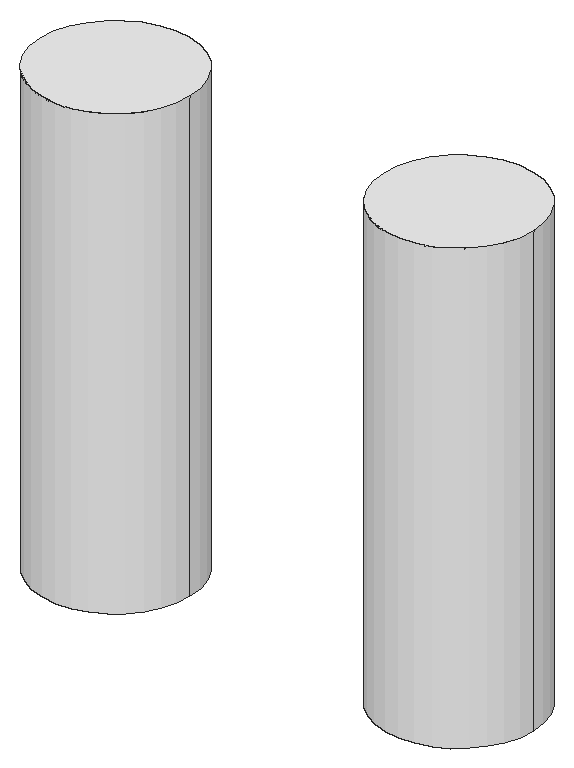
Revit family "56443203", category Plumbing Fixtures, Revit 2020
Family settings
  Round Connector Dimension = Use Diameter
  Part Type = Normal
  OmniClass Number = 23.45.55.00
  OmniClass Title = Sanitary Faucets, Wastes
  Work Plane-Based = No
  Always vertical = Yes
  Cut with Voids When Loaded = No
  Shared = No
  Room Calculation Point = No
Parameters (values of type "56443203 Bidet faucet")
  Working Pressure = "50 - 1000 kPa"
  WarrantyStartDate [instance] = "n/a"
  WarrantyGuarantorParts = "n/a"
  WarrantyGuarantorLabor = "n/a"
  WarrantyDurationUnit = "Year"
  WarrantyDurationParts = "n/a"
  WarrantyDurationLabor = "n/a"
  WarrantyDescription = "http://warranty.hansa.com"
  Warranty Information URL = "http://warranty.hansa.com"
  VersionDate = "01/06/2023"
  Version = "1"
  ValvePattern = "n/a"
  ValveOperation = "n/a"
  ValveMechanism = "n/a"
  Uniclass2015Reference = "Pr_40_20_87_07"
  Uniclass2015Description = "Bath manual water supply sets"
  Uniclass2 = "Pr_40_30_96_07"
  URL REACH = "http://static.hansa.com/doc/reach"
  URL EcoLabel Declaration = "http://static.hansa.com/doc/EcoLabel"
  URL EU Packaging Declaration = "http://static.hansa.com/doc/packaging"
  URL Declaration of SCIP = "http://static.hansa.com/doc/SCIP"
  URL Declaration of Conformity = "http://static.hansa.com/DoC/56443203"
  URL Declaration of Asbestos = "http://static.hansa.com/doc/asbestos"
  URL Declaration Of Performance (DOP) = "http://static.hansa.com/doc/DoP"
  URL DVGW = "http://static.hansa.com/DVGW/56443203"
  URL ABP = "http://static.hansa.com/ABP/56443203"
  URL = ""
  UNSPSC Class Number = "30181700 Faucets or taps"
  TestPressure = "n/a"
  Temperature Adjustments = "Limitation option for maximum temperature and flow-rate ;Adjustable hot water stop (included, retrofittable)"
  Temperature = "Temperature limiter;Temperature limiter (retrofittable)"
  Technical DataSheet URL = "http://www.hansa.com/datasheet/56443203/en"
  TagNumber [instance] = "n/a"
  SustainabilityPerformance = "n/a"
  Surface treatment = "Chrome"
  Spout Type = "Fixed spout"
  Spout Projection = "106 mm"
  Spare-Part Information URL = "http://static.hansa.com/sp/56443203"
  Size = "50x150x140 mm"
  Shape = "Sculptured"
  SerialNumber [instance] = "n/a"
  Sales Package dimensions (LxWxH) = "380 x 180 x 74"
  Revision = "n/a"
  ReplacementCost = "n/a"
  ProductInformation = "n/a"
  Product URL = "http://static.hansa.com/56443203"
  Product Image URL = "http://static.hansa.com/image/56443203"
  Product Family = "HANSAPALENO "
  Product Code = "56443203"
  OperatingMechanismMaterial = "n/a"
  NominalWidth = 48.9 mm
  NominalHeight = 136 mm
  NominalDepth = 146.5 mm
  Noise Class = "I (ISO3822)"
  Name_en = "56443203 Bidet faucet"
  Name = "56443203 Bidet faucet"
  NBSReference = "45-35-70/315"
  NBSDescription = "Water supply fittings for baths"
  Mounting Holes = "1 hole"
  ModelReference = "56443203"
  ModelNumber = "n/a"
  Model = "56443203 Bidet faucet"
  Mobile Product Information URL = "http://mpi.hansa.com/56443203"
  Mechanical Parts = "ø 35 mm ceramic cartridge for flow and temperature control"
  Max. Hot Water Supply = 80 °C
  Material = "Brass"
  Market = "International;Germany;Austria;Switzerland;France;Italy;Spain"
  ManufacturerURL = "http://www.hansa.com"
  ManufacturerName = "HANSA"
  Manufacturer = "HANSA"
  Lever Handle = "Hot/Cold symbols;Single operating lever/handle"
  Interactive AR View URL = "https://static.hansa.com/AR/56443203"
  InstallationDate [instance] = "n/a"
  Installation and Maintenance Guide URL = "http://static.hansa.com/manual/56443203"
  Installation Type = "Deck mounted"
  InletConnectionSize = 10 mm
  IfcExportType = "FAUCET"  # constant formula
  IfcExportAs = "IfcValveType"  # constant formula
  Group = "Bidet faucet"
  Grade = "n/a"
  FlowCoefficient = 0
  Flow Rate At 300kPa With Flow Controller = 0.01 L/s
  Flow Drawing URL = "http://static.hansa.com/flowchart/56443203"
  Finish = "Polished"
  Features = "Single-lever"
  FaucetMainMaterial = Brass
  FDV Document URL = "http://www.hansa.com/datasheet/56443203/en/fdv"
  Extensions = "Pop-up waste with draw-rod"
  ExpectedLife = "n/a"
  ETIM Class Number = "EC010888 Bidet mixing tap"
  EN Standard = "EN 817"
  EAN Number = "4057304012228"
  DurationUnit = "Year"
  Dimension Drawing URL = "http://static.hansa.com/dimdrw/56443203"
  Description = ""
  DefaultElevation [instance] = 900 mm
  Default Elevation = 0 mm
  Constituents = "n/a"
  Connection Size = "G3/8"
  Color = "Chrome"
  CodePerformance = "n/a"
  CloseOffRating = 0
  Category = "Bidet"
  Catalog Drawing URL = "http://static.hansa.com/catdrw/56443203"
  Brand = "HANSA"
  BodyMaterial = "Brass"
  Barcode [instance] = "n/a"
  BIMObjectName = "56443203"
  Author = "BIMStone"
  AssetType = "Fixed"
  AssetIdentifier [instance] = "n/a"
  Approval DVGW = "DW-6506CS0548"
  Approval ABP = "P-IX 29502/IA"
  Aerator = "PCA® - constant flow rate regardless of pressure variations;Ball joint"
  Advanced Features = "Inner body made of DZR brass;3S-installation system for safe and simple mounting"
  AccessibilityPerformance = "n/a"
  3D View = "https://static.hansa.com/AR/56443203"
  2D/3D/BIM Files URL = "http://static.hansa.com/bim/56443203"
Reference planes
  plane 1 "Center (Front/Back)": y = 0
  plane 2: z = 0
  plane 3 "Center (Left/Right)": x = 0
  plane 4: x = -24.45
  plane 5: z = 900
  plane 6: z = 870
  plane 7: y = -146.5
  plane 8: x = 24.45
  plane 9: z = 1036
Forms (mm)
  Extrusion 1, solid, material "Brass" <- "FaucetMainMaterial"
    sketch origin (-44.989, -3.512, 0) x (1, 0, 0) y (0, 1, 0)
      loop
        circle (33.489, -36) r 5
      loop
        circle (56.489, -36) r 5
    from 870 to 900
Dimensions and locks
  "DefaultElevation": plane 5 to level
  locked: plane 5 to plane 6 at 30
  "NominalDepth": plane 7 to plane 1 "Center (Front/Back)"
  "NominalHeight": plane 9 to plane 5
  equal spacing: plane 4, plane 3 "Center (Left/Right)", plane 8
  "NominalWidth": plane 4 to plane 8
  "InletConnectionSize": diameter of Extrusion 1 sketch curve  (x2)
  aligned and locked: level to plane 2
  aligned and locked: plane 5 to Extrusion 1
  aligned and locked: Extrusion 1 to plane 6
  aligned and locked: nested 2 to plane 5
Automatic sketch dimensions
  Extrusion 1 sketch curve to plane 3 "Center (Left/Right)" = 11.5 mm
  plane 3 "Center (Left/Right)" to Extrusion 1 sketch curve = 11.5 mm
  plane 1 "Center (Front/Back)" to Extrusion 1 sketch curve = 39.512 mm  (x2)
Nested families
  nested 1: "Symbol" at (0, 0, 0), type "Symbol", detail levels coarse
  nested 2: "56443203_p" at (0, 0, 900), Main <- "FaucetMainMaterial", type "56443203_p"
    with Main Brass
Connectors
  piping at (-11.5, -39.512, 870), diameter 10, driven by "InletConnectionSize"
    settings: on Extrusion 1, index 1, connector inside diameter 609.6 mm, connector length 0 mm, flow factor 0, pipe flow 0.1 L/s, pressure drop 0.0 Pa, fitting loss kfactor 0, connector angle 0.00°, fixture units 0, engagement length 0 mm, angle of deflection 0.00°, flow configuration 1, flow direction 1, fitting loss method 0, system type 19, joint type 0, gender type 0, connector reference index -1, connector utility 0, adjustable connector no, is connector primary yes, connector description ""
  piping at (11.5, -39.512, 870), diameter 10, driven by "InletConnectionSize"
    settings: on Extrusion 1, index 2, connector inside diameter 609.6 mm, connector length 0 mm, flow factor 0, pipe flow 0.1 L/s, pressure drop 0.0 Pa, fitting loss kfactor 0, connector angle 0.00°, fixture units 0, engagement length 0 mm, angle of deflection 0.00°, flow configuration 1, flow direction 1, fitting loss method 0, system type 20, joint type 0, gender type 0, connector reference index -1, connector utility 0, adjustable connector no, is connector primary no, connector description ""
Definition of nested family "Symbol"
  Reference planes
    plane 1: y = 0
    plane 2: x = 0
  Lines and regions (mm)
    detail lines
      curve 1: line (0, 0, 0) -> (0, -1.8, 0)
      curve 2: line (-0.4, -1.1, 0) -> (0.4, -1.1, 0)
      curve 3: line (-0.4, -1.4, 0) -> (0.4, -1.4, 0)
      curve 4: line (0.863, 0, 0) -> (-0.863, 0, 0)
      curve 5: circle (-1.163, 0, 0) r 0.3 normal (0, 0, -1)
      curve 6: circle (1.163, 0, 0) r 0.3 normal (0, 0, 1)
Definition of nested family "56443203_p"
  Parameters (values of type "56443203_p")
    Main [instance] = none
    Default Elevation = 0 mm
  Reference planes
    plane 1 "Center (Front/Back)": y = 0
    plane 2: z = 0
    plane 3 "Center (Left/Right)": x = 0
    plane 4: x = -24.445
    plane 5: x = 24.445
    plane 6: z = 136
    plane 7: y = -146.545
  Forms (mm)
    Revolve 1, solid, material <- "Main", detail levels medium
      sketch origin (0, 0, 0) x (0, 1, 0) y (0, 0, 1)
        loop
          line (-14.069, -21.092) -> (-28.654, 145.62) -> (-52.072, 143.571) -> (-37.487, -23.141) -> (-14.069, -21.092)
        axis (-37.487, -23.141) -> (-52.072, 143.571)
      angle from 0 to 360
    Extrusion 2, void
      sketch origin (0, 0, 0) x (0, 1, 0) y (0, 0, 1)
        loop
          line (-71.094, 0) -> (-71.094, -45) -> (3.906, -45) -> (3.906, 0) -> (-71.094, 0)
        loop
          line (-17.096, 136) -> (-17.096, 163.598) -> (-82.096, 163.598) -> (-82.096, 136) -> (-17.096, 136)
      from -43.065 to 45.409
    Extrusion 3, solid, material <- "Main", detail levels medium
      sketch origin (0, 0, 0) x (1, 0, 0) y (0, 1, 0)
        loop
          arc (-6.785, -136.956) -> (-6.503, -137.769) -> (-5.792, -138.252) r 1.367
          arc (-5.792, -138.252) -> (-2.924, -138.855) -> (0, -139.057) r 21.204
          arc (0, -139.057) -> (2.924, -138.855) -> (5.792, -138.252) r 21.204
          arc (5.792, -138.252) -> (6.503, -137.769) -> (6.785, -136.956) r 1.367
          line (6.785, -136.956) -> (7.405, -92.487)
          arc (7.405, -92.487) -> (7.46, -90.292) -> (7.675, -88.108) r 29.979
          arc (7.675, -88.108) -> (8.126, -85.853) -> (8.858, -83.674) r 18.25
          arc (8.858, -83.674) -> (10.334, -80.457) -> (12.083, -77.38) r 40.817
          arc (12.083, -77.38) -> (14.098, -74.412) -> (16.322, -71.598) r 49.505
          arc (16.322, -71.598) -> (21.772, -62.164) -> (23.518, -51.41) r 30.192
          line (23.518, -51.41) -> (-23.518, -51.41)
          arc (-23.518, -51.41) -> (-21.772, -62.164) -> (-16.322, -71.598) r 30.192
          arc (-16.322, -71.598) -> (-14.098, -74.412) -> (-12.083, -77.38) r 49.505
          arc (-12.083, -77.38) -> (-10.334, -80.457) -> (-8.858, -83.674) r 40.817
          arc (-8.858, -83.674) -> (-8.126, -85.853) -> (-7.675, -88.108) r 18.25
          arc (-7.675, -88.108) -> (-7.46, -90.292) -> (-7.405, -92.487) r 29.979
          line (-7.405, -92.487) -> (-6.785, -136.956)
      from 123.047 to 136
    Extrusion 4, solid, material <- "Main", detail levels medium
      sketch origin (0, 0, 0) x (0, 1, 0) y (0, 0, 1)
        loop
          arc (-40.191, 99.126) -> (-78.225, 96.189) -> (-116.22, 92.785) r 3101.602
          line (-116.22, 92.785) -> (-114.405, 72.042)
          arc (-114.405, 72.042) -> (-112.555, 68.345) -> (-108.677, 66.913) r 5.62
          line (-108.677, 66.913) -> (-37.373, 66.913) -> (-40.191, 99.126)
      from -20 to 20
    Revolve 5, solid, material <- "Main", detail levels medium
      sketch origin (0, 0, 0) x (0, 1, 0) y (0, 0, 1)
        loop
          line (-145.608, 78.742) -> (-112.223, 81.663) -> (-112.942, 89.885) -> (-119.928, 89.274) -> (-120.192, 92.283) -> (-128.686, 91.54) -> (-130.284, 92.874) -> (-137.357, 92.255) -> (-138.185, 91.427) -> (-145.929, 90.749) -> (-146.545, 89.451) -> (-145.608, 78.742)
        axis (-112.223, 81.663) -> (-145.608, 78.742)
      angle from 0 to 360
    Revolve 6, solid, material <- "Main", detail levels medium
      sketch origin (0, 0, 0) x (0, 1, 0) y (0, 0, 1)
        loop
          line (-18.552, 22.539) -> (-11.009, 43.264) -> (-12.656, 43.864) -> (-20.082, 23.461) -> (-18.552, 22.539)
        axis (-12.656, 43.864) -> (-20.199, 23.138)
      angle from 0 to 360
    Extrusion 7, solid, material <- "Main", detail levels medium
      sketch origin (0, 0, 0) x (0, 1, 0) y (0, 0, 1)
        loop
          line (-15.628, 49.966) -> (-16.53, 45.721)
          arc (-16.53, 45.721) -> (-15.607, 44.633) -> (-14.615, 43.607) r 21.863
          arc (-14.615, 43.607) -> (-13.023, 42.855) -> (-11.32, 42.408) r 9.564
          line (-11.32, 42.408) -> (-6.213, 41.559)
          arc (-6.213, 41.559) -> (-3.257, 41.771) -> (-0.722, 43.305) r 6.33
          line (-0.722, 43.305) -> (-0.022, 46.598)
          arc (-0.022, 46.598) -> (-0.164, 47.365) -> (-0.807, 47.808) r 1.02
          line (-0.807, 47.808) -> (-14.477, 50.713)
          arc (-14.477, 50.713) -> (-15.207, 50.578) -> (-15.628, 49.966) r 0.97
      from -5 to 5
    Extrusion 8, solid, material <- "Main", detail levels coarse
      sketch origin (0, 0, 0) x (1, 0, 0) y (0, 1, 0)
        loop
          line (24.445, 0) -> (-24.445, 0) -> (-24.445, -146.545) -> (24.445, -146.545) -> (24.445, 0)
      from 0 to 136
  Cuts and joins
    Extrusion 2 cuts Revolve 1
    joined: Revolve 1, Extrusion 4, Revolve 5, Revolve 6
  Lines and regions (mm)
    symbolic lines, detail levels medium+fine
      curve 1: line (0, -15.914, 0) -> (0, -63.109, 0)
      curve 2: line (0, -24.711, 100.544) -> (0, -25.51, 100.479)
      curve 3: line (0, -116.22, 92.785) -> (0, -115.943, 89.623)
      curve 4: line (0, -120.192, 92.283) -> (0, -119.928, 89.274)
      curve 5: line (0, -138.251, 92.177) -> (0, -138.185, 91.427)
      curve 6: line (0, -146.545, 89.451) -> (0, -144.671, 68.033)
      curve 9: line (0, -15.914, 0) -> (0, -18.015, 24.014)
      curve 10: line (0, -63.109, 0) -> (0, -66.804, 42.234)
      curve 11: line (0, -94.729, 67.236) -> (0, -108.677, 66.913)
      curve 12: arc (0, -66.804, 42.234) -> (0, -75.822, 60.258) -> (0, -94.729, 67.236) r 27.397
      curve 13: arc (0, -114.405, 72.042) -> (0, -112.555, 68.345) -> (0, -108.677, 66.913) r 5.62
      curve 14: arc (0, -71.572, 96.737) -> (0, -93.903, 94.842) -> (0, -116.22, 92.785) r 3101.602
      curve 15: line (0, -120.192, 92.283) -> (0, -128.686, 91.54)
      curve 16: line (0, -118.226, 69.819) -> (0, -126.721, 69.076)
      curve 17: line (0, -115.943, 89.623) -> (0, -119.928, 89.274)
      curve 18: line (0, -114.505, 73.178) -> (0, -118.489, 72.829)
      curve 19: line (0, -136.029, 66.781) -> (0, -128.062, 67.478)
      curve 20: line (0, -128.062, 67.478) -> (0, -126.721, 69.076)
      curve 21: line (0, -136.094, 67.526) -> (0, -143.838, 66.849)
      curve 22: line (0, -143.838, 66.849) -> (0, -144.671, 68.033)
      curve 24: line (0, -145.929, 90.749) -> (0, -138.185, 91.427)
      curve 25: line (0, -145.929, 90.749) -> (0, -146.545, 89.451)
      curve 27: line (0, -128.686, 91.54) -> (0, -130.284, 92.874)
      curve 29: line (0, -130.284, 92.874) -> (0, -138.251, 92.177)
      curve 30: arc (0, -25.51, 100.479) -> (0, -26.979, 106.263) -> (0, -29.94, 111.444) r 22.12
      curve 31: line (0, -70.803, 99.207) -> (0, -70.803, 96.8)
      curve 32: line (0, -72.545, 99.066) -> (0, -75.051, 116.246)
      curve 33: line (0, -25.764, 113.821) -> (0, -29.127, 133.304)
      curve 34: line (0, -83.102, 123.208) -> (0, -136.935, 123.208)
      curve 35: arc (0, -75.051, 116.246) -> (0, -77.78, 121.226) -> (0, -83.102, 123.208) r 8.136
      curve 36: arc (0, -138.383, 134.918) -> (0, -139.023, 129.669) -> (0, -138.447, 124.413) r 22.989
      curve 37: arc (0, -136.935, 123.208) -> (0, -137.902, 123.546) -> (0, -138.447, 124.413) r 1.55
      curve 38: line (0, -137.01, 136) -> (0, -92.028, 136)
      curve 39: arc (0, -138.383, 134.918) -> (0, -137.884, 135.697) -> (0, -137.01, 136) r 1.413
      curve 40: arc (0, -92.028, 136) -> (0, -78.127, 135.816) -> (0, -64.235, 135.262) r 523.836
      curve 41: line (0, -30.99, 134.874) -> (0, -49.162, 134.874)
      curve 42: arc (0, -64.235, 135.262) -> (0, -56.701, 134.965) -> (0, -49.162, 134.874) r 275.77
      curve 43: arc (0, -29.127, 133.304) -> (0, -29.772, 134.429) -> (0, -30.99, 134.874) r 1.891
      curve 44: line (0, -18.015, 24.014) -> (0, -11.32, 42.408)
      curve 45: line (0, -18.738, 32.278) -> (0, -14.615, 43.607)
      curve 47: line (0, -15.628, 49.966) -> (0, -16.428, 46.202)
      curve 48: line (0, -0.022, 46.598) -> (0, -0.658, 43.604)
      curve 49: line (0, -0.807, 47.808) -> (0, -14.477, 50.713)
      curve 50: arc (0, -14.477, 50.713) -> (0, -15.207, 50.578) -> (0, -15.628, 49.966) r 0.97
      curve 51: arc (0, -0.807, 47.808) -> (0, -0.164, 47.365) -> (0, -0.022, 46.598) r 1.02
      curve 52: line (0, -6.213, 41.559) -> (0, -11.32, 42.408)
      curve 53: arc (0, -16.428, 46.202) -> (0, -16.42, 45.742) -> (0, -16.212, 45.33) r 1.029
      curve 54: arc (0, -16.212, 45.33) -> (0, -15.437, 44.447) -> (0, -14.615, 43.607) r 21.863
      curve 55: arc (0, -0.988, 43.057) -> (0, -3.432, 41.718) -> (0, -6.213, 41.559) r 6.33
      curve 56: arc (0, -0.658, 43.604) -> (0, -0.777, 43.303) -> (0, -0.988, 43.057) r 0.981
      curve 58: line (0, -18.738, 32.278) -> (0, -24.711, 100.544)
      curve 60: line (0, -114.505, 73.178) -> (0, -114.405, 72.042)
      curve 61: line (0, -118.489, 72.829) -> (0, -118.226, 69.819)
      curve 64: line (0, -136.094, 67.526) -> (0, -136.029, 66.781)
      curve 65: line (0, -70.803, 99.207) -> (0, -72.545, 99.066)
      curve 66: line (0, -70.803, 96.8) -> (0, -71.572, 96.737)
      curve 67: line (0, -29.94, 111.444) -> (0, -25.764, 113.821)
      curve 69: line (-11, -146.545, 0) -> (-11, -142.036, 0)
      curve 70: line (-12, -128.349, 0) -> (-12, -130.729, 0)
      curve 71: line (-5, -4.923, 0) -> (-5, -11.488, 0)
      curve 72: arc (0, 0, 0) -> (-3.531, -1.414, 0) -> (-5, -4.923, 0) r 4.923
      curve 73: arc (-5, -11.488, 0) -> (-4.197, -14.199, 0) -> (-2.046, -16.034, 0) r 4.976
      curve 76: arc (-23.508, -42.117, 0) -> (-18.218, -24.599, 0) -> (-2.046, -16.034, 0) r 23.764
      curve 78: arc (-24.445, -47.599, 0) -> (-24.209, -44.818, 0) -> (-23.508, -42.117, 0) r 16.501
      curve 79: line (-24.445, -47.599, 0) -> (-24.445, -49.045, 0)
      curve 80: arc (-24.445, -49.045, 0) -> (-23.984, -55.226, 0) -> (-22.613, -61.27, 0) r 41.7
      curve 89: line (-22.613, -61.27, 0) -> (-19.084, -110.472, 0)
      curve 90: line (-13.068, -116.072, 0) -> (-8.254, -116.072, 0)
      curve 91: arc (-19.084, -110.472, 0) -> (-17.177, -114.455, 0) -> (-13.068, -116.072, 0) r 6.031
      curve 92: line (-8.254, -116.072, 0) -> (-8.254, -118.62, 0)
      curve 94: line (-11.278, -119.219, 0) -> (-11.278, -127.627, 0)
      curve 95: line (-11.278, -127.627, 0) -> (-12, -128.349, 0)
      curve 96: spline (-8.254, -118.62, 0) -> (-8.718, -118.661, 0) -> (-9.147, -118.705, 0) -> (-9.541, -118.75, 0) -> (-9.898, -118.797, 0) -> (-10.216, -118.846, 0) -> (-10.495, -118.897, 0) -> (-10.732, -118.949, 0) -> (-10.928, -119.001, 0) -> (-11.08, -119.055, 0) -> (-11.19, -119.109, 0) -> (-11.256, -119.164, 0) -> (-11.278, -119.219, 0)
      curve 97: line (-12.751, -131.163, 0) -> (-12.751, -137.12, 0)
      curve 98: line (-12, -141.609, 0) -> (-12, -137.537, 0)
      curve 99: spline (-12.751, -137.12, 0) -> (-12.763, -137.155, 0) -> (-12.761, -137.19, 0) -> (-12.745, -137.226, 0) -> (-12.716, -137.261, 0) -> (-12.673, -137.296, 0) -> (-12.617, -137.331, 0) -> (-12.547, -137.366, 0) -> (-12.464, -137.401, 0) -> (-12.368, -137.435, 0) -> (-12.258, -137.47, 0) -> (-12.136, -137.503, 0) -> (-12, -137.537, 0)
      curve 100: line (-12, -141.609, 0) -> (-11, -142.036, 0)
      curve 101: line (-11, -146.545, 0) -> (0, -146.545, 0)
      curve 107: line (-12.751, -131.163, 0) -> (-12, -130.729, 0)
      curve 110: line (11, -146.545, 0) -> (11, -142.036, 0)
      curve 111: line (12, -128.349, 0) -> (12, -130.729, 0)
      curve 112: line (5, -4.923, 0) -> (5, -11.488, 0)
      curve 113: arc (0, 0, 0) -> (3.531, -1.414, 0) -> (5, -4.923, 0) r 4.923
      curve 114: arc (5, -11.488, 0) -> (4.197, -14.199, 0) -> (2.046, -16.034, 0) r 4.976
      curve 117: arc (23.508, -42.117, 0) -> (18.218, -24.599, 0) -> (2.046, -16.034, 0) r 23.764
      curve 119: arc (24.445, -47.599, 0) -> (24.209, -44.818, 0) -> (23.508, -42.117, 0) r 16.501
      curve 120: line (24.445, -47.599, 0) -> (24.445, -49.045, 0)
      curve 121: arc (24.445, -49.045, 0) -> (23.984, -55.226, 0) -> (22.613, -61.27, 0) r 41.7
      curve 130: line (22.613, -61.27, 0) -> (19.084, -110.472, 0)
      curve 131: line (13.068, -116.072, 0) -> (8.254, -116.072, 0)
      curve 132: arc (19.084, -110.472, 0) -> (17.177, -114.455, 0) -> (13.068, -116.072, 0) r 6.031
      curve 133: line (8.254, -116.072, 0) -> (8.254, -118.62, 0)
      curve 135: line (11.278, -119.219, 0) -> (11.278, -127.627, 0)
      curve 136: line (11.278, -127.627, 0) -> (12, -128.349, 0)
      curve 137: spline (8.254, -118.62, 0) -> (8.718, -118.661, 0) -> (9.147, -118.705, 0) -> (9.541, -118.75, 0) -> (9.898, -118.797, 0) -> (10.216, -118.846, 0) -> (10.495, -118.897, 0) -> (10.732, -118.949, 0) -> (10.928, -119.001, 0) -> (11.08, -119.055, 0) -> (11.19, -119.109, 0) -> (11.256, -119.164, 0) -> (11.278, -119.219, 0)
      curve 138: line (12.751, -131.163, 0) -> (12.751, -137.12, 0)
      curve 139: line (12, -141.609, 0) -> (12, -137.537, 0)
      curve 140: spline (12.751, -137.12, 0) -> (12.763, -137.155, 0) -> (12.761, -137.19, 0) -> (12.745, -137.226, 0) -> (12.716, -137.261, 0) -> (12.673, -137.296, 0) -> (12.617, -137.331, 0) -> (12.547, -137.366, 0) -> (12.464, -137.401, 0) -> (12.368, -137.435, 0) -> (12.258, -137.47, 0) -> (12.136, -137.503, 0) -> (12, -137.537, 0)
      curve 141: line (12, -141.609, 0) -> (11, -142.036, 0)
      curve 142: line (11, -146.545, 0) -> (0, -146.545, 0)
      curve 147: line (12.751, -131.163, 0) -> (12, -130.729, 0)
      curve 151: line (0, 0, 0) -> (-23.507, 0, 0)
      curve 152: line (-23.507, 0, 0) -> (-23.507, 0, 98.114)
      curve 153: line (-24.445, 0, 101.507) -> (-24.023, 0, 134.756)
      curve 154: arc (-24.023, 0, 134.756) -> (-12.028, 0, 135.688) -> (0, 0, 136) r 233.448
      curve 155: spline (-24.445, 0, 101.507) -> (-24.433, 0, 101.43) -> (-24.395, 0, 101.352) -> (-24.333, 0, 101.275) -> (-24.245, 0, 101.199) -> (-24.133, 0, 101.122) -> (-23.997, 0, 101.046) -> (-23.835, 0, 100.97) -> (-23.65, 0, 100.895) -> (-23.44, 0, 100.821) -> (-23.206, 0, 100.747) -> (-22.949, 0, 100.674) -> (-22.668, 0, 100.602)
      curve 156: line (-22.622, 0, 100.591) -> (-22.757, 0, 99.057)
      curve 157: arc (-23.507, 0, 98.114) -> (-23.297, 0, 98.716) -> (-22.757, 0, 99.057) r 0.967
      curve 170: line (0, 0, 0) -> (23.507, 0, 0)
      curve 171: line (23.507, 0, 0) -> (23.507, 0, 98.114)
      curve 172: line (24.445, 0, 101.507) -> (24.023, 0, 134.756)
      curve 173: arc (24.023, 0, 134.756) -> (12.028, 0, 135.688) -> (0, 0, 136) r 233.448
      curve 174: spline (24.445, 0, 101.507) -> (24.433, 0, 101.43) -> (24.395, 0, 101.352) -> (24.333, 0, 101.275) -> (24.245, 0, 101.199) -> (24.133, 0, 101.122) -> (23.997, 0, 101.046) -> (23.835, 0, 100.97) -> (23.65, 0, 100.895) -> (23.44, 0, 100.821) -> (23.206, 0, 100.747) -> (22.949, 0, 100.674) -> (22.668, 0, 100.602)
      curve 175: line (22.622, 0, 100.591) -> (22.757, 0, 99.057)
      curve 176: arc (23.507, 0, 98.114) -> (23.297, 0, 98.716) -> (22.757, 0, 99.057) r 0.967
    symbolic lines, detail levels fine
      curve 7: line (0, -48.217, 101.042) -> (0, -29.94, 111.444)
      curve 8: line (0, -48.217, 101.042) -> (0, -70.803, 99.207)
      curve 23: line (0, -143.838, 66.849) -> (0, -145.929, 90.749)
      curve 26: line (0, -126.721, 69.076) -> (0, -128.686, 91.54)
      curve 28: line (0, -128.062, 67.478) -> (0, -130.284, 92.874)
      curve 46: line (0, -11.32, 42.408) -> (0, -14.615, 43.607)
      curve 57: line (0, -18.015, 24.014) -> (0, -18.738, 32.278)
      curve 59: line (0, -115.943, 89.623) -> (0, -114.505, 73.178)
      curve 62: line (0, -119.928, 89.274) -> (0, -118.489, 72.829)
      curve 63: line (0, -138.185, 91.427) -> (0, -136.094, 67.526)
      curve 68: line (0, -25.51, 100.479) -> (0, -70.803, 96.8)
      curve 74: line (-1.748, -16.156, 0) -> (-1.748, -18.422, 0)
      curve 75: line (-1.748, -18.422, 0) -> (0, -18.422, 0)
      curve 77: arc (-23.508, -42.117, 0) -> (-14.421, -29.806, 0) -> (0, -24.693, 0) r 26.129
      curve 81: arc (-22.613, -61.27, 0) -> (-21.863, -63.265, 0) -> (-20.872, -65.152, 0) r 17.201
      curve 82: line (-20.872, -65.152, 0) -> (-20.32, -66.062, 0)
      curve 83: arc (-20.32, -66.062, 0) -> (-18.432, -68.91, 0) -> (-16.322, -71.598, 0) r 42.793
      curve 84: arc (-16.322, -71.598, 0) -> (-14.098, -74.412, 0) -> (-12.083, -77.38, 0) r 49.505
      curve 85: line (-6.785, -136.956, 0) -> (-7.405, -92.487, 0)
      curve 86: arc (-12.083, -77.38, 0) -> (-10.334, -80.457, 0) -> (-8.858, -83.674, 0) r 40.817
      curve 87: arc (-8.858, -83.674, 0) -> (-8.126, -85.853, 0) -> (-7.675, -88.108, 0) r 18.25
      curve 88: arc (-7.675, -88.108, 0) -> (-7.46, -90.292, 0) -> (-7.405, -92.487, 0) r 29.979
      curve 93: spline (-8.254, -119.097, 0) -> (-8.245, -119.145, 0) -> (-8.218, -119.194, 0) -> (-8.174, -119.242, 0) -> (-8.112, -119.29, 0) -> (-8.033, -119.337, 0) -> (-7.936, -119.383, 0) -> (-7.824, -119.428, 0) -> (-7.695, -119.471, 0) -> (-7.55, -119.514, 0) -> (-7.39, -119.554, 0) -> (-7.215, -119.593, 0) -> (-7.027, -119.63, 0)
      curve 102: arc (-5.792, -138.252, 0) -> (-2.924, -138.855, 0) -> (0, -139.057, 0) r 21.204
      curve 103: arc (-5.792, -138.252, 0) -> (-6.503, -137.769, 0) -> (-6.785, -136.956, 0) r 1.367
      curve 104: line (-8.254, -116.072, 0) -> (-7.077, -116.072, 0)
      curve 105: line (-8.254, -118.62, 0) -> (-8.254, -119.097, 0)
      curve 106: spline (-11.278, -119.219, 0) -> (-11.246, -119.285, 0) -> (-11.152, -119.35, 0) -> (-10.995, -119.415, 0) -> (-10.776, -119.478, 0) -> (-10.497, -119.54, 0) -> (-10.159, -119.601, 0) -> (-9.764, -119.659, 0) -> (-9.314, -119.714, 0) -> (-8.812, -119.767, 0) -> (-8.261, -119.817, 0) -> (-7.664, -119.864, 0) -> (-7.023, -119.907, 0)
      curve 108: spline (-12, -137.537, 0) -> (-11.716, -137.598, 0) -> (-11.389, -137.657, 0) -> (-11.021, -137.715, 0) -> (-10.612, -137.77, 0) -> (-10.165, -137.823, 0) -> (-9.68, -137.874, 0) -> (-9.161, -137.923, 0) -> (-8.608, -137.968, 0) -> (-8.023, -138.011, 0) -> (-7.41, -138.05, 0) -> (-6.769, -138.087, 0) -> (-6.104, -138.12, 0)
      curve 109: arc (-2.046, -16.034, 0) -> (-1.046, -16.358, 0) -> (0, -16.464, 0) r 4.976
      curve 115: line (1.748, -16.156, 0) -> (1.748, -18.422, 0)
      curve 116: line (1.748, -18.422, 0) -> (0, -18.422, 0)
      curve 118: arc (23.508, -42.117, 0) -> (14.421, -29.806, 0) -> (0, -24.693, 0) r 26.129
      curve 122: arc (22.613, -61.27, 0) -> (21.863, -63.265, 0) -> (20.872, -65.152, 0) r 17.201
      curve 123: line (20.872, -65.152, 0) -> (20.32, -66.062, 0)
      curve 124: arc (20.32, -66.062, 0) -> (18.432, -68.91, 0) -> (16.322, -71.598, 0) r 42.793
      curve 125: arc (16.322, -71.598, 0) -> (14.098, -74.412, 0) -> (12.083, -77.38, 0) r 49.505
      curve 126: line (6.785, -136.956, 0) -> (7.405, -92.487, 0)
      curve 127: arc (12.083, -77.38, 0) -> (10.334, -80.457, 0) -> (8.858, -83.674, 0) r 40.817
      curve 128: arc (8.858, -83.674, 0) -> (8.126, -85.853, 0) -> (7.675, -88.108, 0) r 18.25
      curve 129: arc (7.675, -88.108, 0) -> (7.46, -90.292, 0) -> (7.405, -92.487, 0) r 29.979
      curve 134: spline (8.254, -119.097, 0) -> (8.245, -119.145, 0) -> (8.218, -119.194, 0) -> (8.174, -119.242, 0) -> (8.112, -119.29, 0) -> (8.033, -119.337, 0) -> (7.936, -119.383, 0) -> (7.824, -119.428, 0) -> (7.695, -119.471, 0) -> (7.55, -119.514, 0) -> (7.39, -119.554, 0) -> (7.215, -119.593, 0) -> (7.027, -119.63, 0)
      curve 143: arc (5.792, -138.252, 0) -> (2.924, -138.855, 0) -> (0, -139.057, 0) r 21.204
      curve 144: arc (5.792, -138.252, 0) -> (6.503, -137.769, 0) -> (6.785, -136.956, 0) r 1.367
      curve 145: line (8.254, -116.072, 0) -> (7.077, -116.072, 0)
      curve 146: spline (11.278, -119.219, 0) -> (11.246, -119.285, 0) -> (11.152, -119.35, 0) -> (10.995, -119.415, 0) -> (10.776, -119.478, 0) -> (10.497, -119.54, 0) -> (10.159, -119.601, 0) -> (9.764, -119.659, 0) -> (9.314, -119.714, 0) -> (8.812, -119.767, 0) -> (8.261, -119.817, 0) -> (7.664, -119.864, 0) -> (7.023, -119.907, 0)
      curve 148: spline (12, -137.537, 0) -> (11.716, -137.598, 0) -> (11.389, -137.657, 0) -> (11.021, -137.715, 0) -> (10.612, -137.77, 0) -> (10.165, -137.823, 0) -> (9.68, -137.874, 0) -> (9.161, -137.923, 0) -> (8.608, -137.968, 0) -> (8.023, -138.011, 0) -> (7.41, -138.05, 0) -> (6.769, -138.087, 0) -> (6.104, -138.12, 0)
      curve 149: arc (2.046, -16.034, 0) -> (1.046, -16.358, 0) -> (0, -16.464, 0) r 4.976
      curve 150: line (8.254, -118.62, 0) -> (8.254, -119.097, 0)
      curve 158: spline (-22.757, 0, 99.057) -> (-22.562, 0, 98.8) -> (-21.981, 0, 98.547) -> (-21.024, 0, 98.304) -> (-19.707, 0, 98.073) -> (-18.053, 0, 97.859) -> (-16.091, 0, 97.665) -> (-13.852, 0, 97.496) -> (-11.377, 0, 97.353) -> (-8.708, 0, 97.239) -> (-5.889, 0, 97.157) -> (-2.97, 0, 97.106) -> (0, 0, 97.09)
      curve 159: circle (0, 0, 79.999) r 12.91 normal (0, -1, 0)
      curve 160: line (-23.507, 0, 87.601) -> (-16.905, 0, 75.183)
      curve 161: arc (-16.905, 0, 75.183) -> (-9.866, 0, 67.666) -> (0, 0, 64.717) r 19.74
      curve 162: line (-23.507, 0, 98.114) -> (-17.669, 0, 92.275)
      curve 163: line (-17.669, 0, 92.275) -> (0, 0, 92.909)
      curve 164: arc (-6.601, 0, 134.047) -> (-6.807, 0, 129.622) -> (-6.596, 0, 125.198) r 46.918
      curve 165: arc (-5.13, 0, 123.641) -> (-2.573, 0, 123.341) -> (0, 0, 123.241) r 33.087
      curve 166: arc (-4.952, 0, 135.694) -> (-2.479, 0, 135.866) -> (0, 0, 135.923) r 53.723
      curve 167: arc (-6.596, 0, 125.198) -> (-6.13, 0, 124.168) -> (-5.13, 0, 123.641) r 1.743
      curve 168: arc (-4.952, 0, 135.694) -> (-6.073, 0, 135.168) -> (-6.601, 0, 134.047) r 1.825
      curve 169: spline (-22.668, 0, 100.602) -> (-21.653, 0, 100.385) -> (-20.427, 0, 100.179) -> (-19.001, 0, 99.986) -> (-17.389, 0, 99.807) -> (-15.607, 0, 99.646) -> (-13.673, 0, 99.502) -> (-11.604, 0, 99.379) -> (-9.423, 0, 99.276) -> (-7.149, 0, 99.195) -> (-4.805, 0, 99.136) -> (-2.414, 0, 99.101) -> (0, 0, 99.089)
      curve 177: spline (22.757, 0, 99.057) -> (22.562, 0, 98.8) -> (21.981, 0, 98.547) -> (21.024, 0, 98.304) -> (19.707, 0, 98.073) -> (18.053, 0, 97.859) -> (16.091, 0, 97.665) -> (13.852, 0, 97.496) -> (11.377, 0, 97.353) -> (8.708, 0, 97.239) -> (5.889, 0, 97.157) -> (2.97, 0, 97.106) -> (0, 0, 97.09)
      curve 178: line (23.507, 0, 87.601) -> (16.905, 0, 75.183)
      curve 179: arc (16.905, 0, 75.183) -> (9.866, 0, 67.666) -> (0, 0, 64.717) r 19.74
      curve 180: line (23.507, 0, 98.114) -> (17.669, 0, 92.275)
      curve 181: line (17.669, 0, 92.275) -> (0, 0, 92.909)
      curve 182: arc (6.601, 0, 134.047) -> (6.807, 0, 129.622) -> (6.596, 0, 125.198) r 46.918
      curve 183: arc (5.13, 0, 123.641) -> (2.573, 0, 123.341) -> (0, 0, 123.241) r 33.087
      curve 184: arc (4.952, 0, 135.694) -> (2.479, 0, 135.866) -> (0, 0, 135.923) r 53.723
      curve 185: arc (6.596, 0, 125.198) -> (6.13, 0, 124.168) -> (5.13, 0, 123.641) r 1.743
      curve 186: arc (4.952, 0, 135.694) -> (6.073, 0, 135.168) -> (6.601, 0, 134.047) r 1.825
      curve 187: spline (22.668, 0, 100.602) -> (21.653, 0, 100.385) -> (20.427, 0, 100.179) -> (19.001, 0, 99.986) -> (17.389, 0, 99.807) -> (15.607, 0, 99.646) -> (13.673, 0, 99.502) -> (11.604, 0, 99.379) -> (9.423, 0, 99.276) -> (7.149, 0, 99.195) -> (4.805, 0, 99.136) -> (2.414, 0, 99.101) -> (0, 0, 99.089)
  Dimensions and locks
    aligned and locked: level to plane 2
